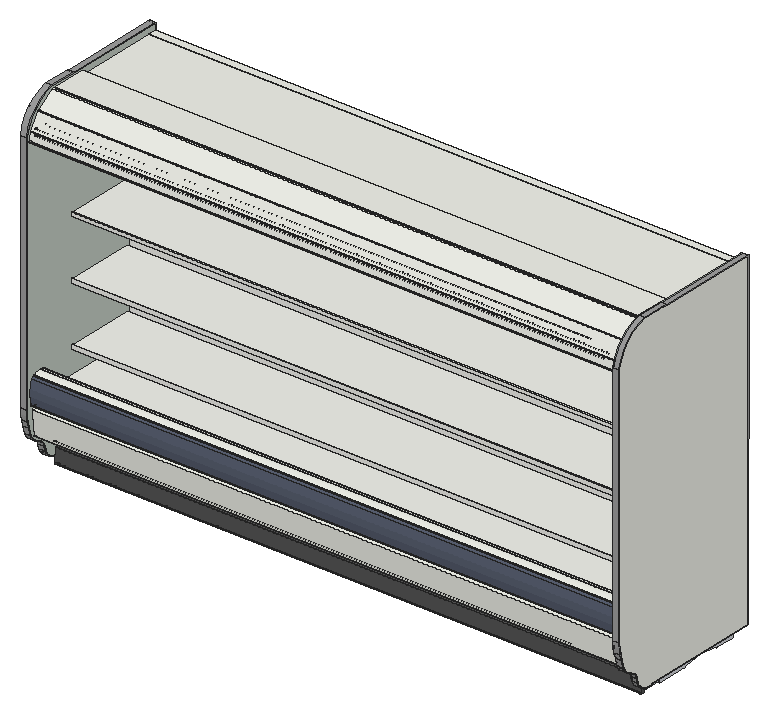
Revit family "ID5NM_2014", category Specialty Equipment, Revit 2014
Parameters (values of type "12'-0" Length")
  Width = 144 1/2"
  Waste Outlet Location = if(Width = 48 1/8", 24", if(Width = 72 1/4", 24", if(Width = 96 1/4", 24", if(Width = 144 1/2", 72", 0"))))  # 72"
  Waste Drain = 1 1/4"  # constant formula
  URL = "www.hussmann.com"
  Type Comments = ""
  Trim = Stainless Steel
  Total Weight = Case Weight + (2 * End Weight)  # 1600.00 lbf
  Top Clearance = 1 1/2"  # constant formula
  Supports = Width = 144 1/2"  # yes
  Splashguard = Textured Sheet Metal (Steel Painted) - 701 Black
  Side Panel - Right [instance] = yes
  Side Panel - Left [instance] = yes
  Shelves = Sheet Metal (Steel Painted) - 700 Interior White
  Shelf Lights [instance] = yes
  Shelf = yes
  Revit Family Date = "11/24/2015"  # constant formula
  Refrigeration Lines Suction = 7/8"  # constant formula
  Refrigeration Lines Liquid = 3/8"  # constant formula
  Refrig. Suction = "Suction"
  Refrig. Liquid = "Liquid"
  Number of Shelves = 4  # constant formula
  Note from Manufacturer = "This model only comes in 4'-0\", 6'-0\", 8'-0\", and 12'-0\" lengths."
  Model = "ID5NM"  # constant formula
  Manufacturer Disclaimer = "The information in this file is not intended to be an exact representation of the corresponding Hussmann product.  Further, we reserve the right to change or revise specifications and product design in connection with any feature of our products. Such changes do not entitle the buyer to corresponding changes, improvements, additions, or replacements for equipment previously sold or shipped."  # constant formula
  Manufacturer = "Hussmann Corporation"  # constant formula
  Height = 84 5/8"  # constant formula
  Ends = Textured Sheet Metal (Steel Painted) - 149 White Satin Matte
  End Weight = 100.00 lbf  # constant formula
  Description = ""
  Depth = 38 5/8"  # constant formula
  Clearance [instance] = no
  Center Support 1 = Width = 96 1/4"  # no
  Center Support 2 = Width = 72 1/4"  # no
  Case Weight = if(Width = 48 1/8", 800.00 lbf, if(Width = 72 1/4", 1000.00 lbf, if(Width = 96 1/4", 1200.00 lbf, if(Width = 144 1/2", 1400.00 lbf, 0.00 lbf))))  # 1400.00 lbf
  Case Interior - Side Panel = Mirror
  Case Interior - Back Panel = Sheet Metal (Steel Painted) - 700 Interior White
  Case = Textured Sheet Metal (Steel Painted) - 149 White Satin Matte
  Bumper = Extruded PVC - 739 Royal Blue
  Back Clearance = 1 1/2"  # constant formula
  Assembly Code = ""
  Accessories/Options = ""
Reference planes (in)
  plane 1 "Back": y = 0
  plane 2 "Bottom": z = 0
  plane 3 "Top": z = 84.625
  plane 4 "Left": x = -77.30699
  plane 5 "Front": y = -38.625
  plane 6 "Center (Left/Right)": x = -5.05699
  plane 7: y = 1.5
  plane 8: x = -78.80699
  plane 9 "Right": x = 67.19301
  plane 10: x = 68.69301
  plane 11: z = 24
  plane 12: z = 68
  plane 13: z = 86.125
Forms (in)
  Extrusion 1, solid, material "Metal - Copper"
    sketch origin (63.0625, 1.04319, 0) x (1, 0, 0) y (0, 1, 0)
      loop
        arc (-67.86949, -29.05062) -> (-68.31143, -29.23368) -> (-68.49449, -29.67562) r 0.625
        arc (-68.49449, -29.67562) -> (-68.31143, -30.11756) -> (-67.86949, -30.30062) r 0.625
        arc (-67.86949, -30.30062) -> (-67.42754, -30.11756) -> (-67.24449, -29.67562) r 0.625
        arc (-67.24449, -29.67562) -> (-67.42754, -29.23368) -> (-67.86949, -29.05062) r 0.625
      loop
        circle (-67.86949, -29.67562) r 0.5852
    from 5.56429 to 0
  Extrusion 2, solid, material "Metal - Copper"
    sketch origin (57.40105, 5, -0.375) x (1, 0, 0) y (0, 1, 0)
      loop
        circle (0.4877, -28.8707) r 0.41359
      loop
        circle (0.4877, -28.8707) r 0.4375
    from 5.93929 to 0.375
  Extrusion 3, solid, material "Metal - Copper"
    sketch origin (59.82608, 5, -0.375) x (1, 0, 0) y (0, 1, 0)
      loop
        circle (-1.31233, -28.8707) r 0.17188
      loop
        circle (-1.31233, -28.8707) r 0.1875
    from 5.93929 to 0.375
  Extrusion 4, solid, material "Extruded PVC - 739 Royal Blue" <- "Bumper"
    sketch origin (-5.05699, 0, 0) x (0, 1, 0) y (0, 0, 1)
      loop
        arc (-37.3441, 22.43657) -> (-37.51109, 22.41185) -> (-37.67229, 22.36173) r 1.09367
        arc (-37.67229, 22.36173) -> (-37.96587, 22.17972) -> (-38.17809, 21.90716) r 0.98023
        arc (-38.17809, 21.90716) -> (-38.61974, 19.07601) -> (-38.17084, 16.246) r 9.21958
        arc (-38.17084, 16.246) -> (-37.96018, 15.98294) -> (-37.67293, 15.80666) r 0.98137
        arc (-37.67293, 15.80666) -> (-37.64, 15.79419) -> (-37.60668, 15.78277) r 1.10618
        arc (-37.60668, 15.78277) -> (-37.5204, 15.78353) -> (-37.45195, 15.83605) r 0.13596
        line (-37.45195, 15.83605) -> (-37.11966, 16.32869) -> (-37.11966, 22.05793) -> (-37.3441, 22.43657)
    from 72.25 to -72.25
  Extrusion 5, solid, material "Sheet Metal (Steel Painted) - 700 Interior White" <- "Case Interior - Back Panel"
    sketch origin (-5.05699, -0.20443, 0) x (0, 1, 0) y (0, 0, 1)
      loop
        line (-25.35587, 77.09831) -> (-7.70304, 76.94426) -> (-7.70304, 16.72278) -> (-6.34347, 16.72278) -> (-6.34347, 77.30729) -> (-25.35587, 77.47321) -> (-25.35587, 77.09831)
    from 72.25 to -72.25
  Extrusion 6, solid, material "Textured Sheet Metal (Steel Painted) - 701 Black" <- "Splashguard"
    sketch origin (-5.05699, 0.08013, -0.40175) x (0, 1, 0) y (0, 0, 1)
      loop
        line (-30.655, 4.08973) -> (-30.655, 0.45384)
        arc (-30.655, 0.45384) -> (-30.63003, 0.41059) -> (-30.5801, 0.41059) r 0.04993
        line (-30.5801, 0.41059) -> (-30.50521, 0.45384) -> (-30.30705, 0.45384)
        arc (-30.30705, 0.45384) -> (-30.22746, 0.40477) -> (-30.16667, 0.47581) r 0.07191
        line (-30.16667, 0.47581) -> (-30.16667, 4.37291)
        arc (-30.16667, 4.37291) -> (-30.19397, 4.41742) -> (-30.24602, 4.41326) r 0.04993
        line (-30.24602, 4.41326) -> (-30.63448, 4.13008)
        arc (-30.63448, 4.13008) -> (-30.64958, 4.11236) -> (-30.655, 4.08973) r 0.04993
    from 72.25 to -72.25
  Extrusion 7, solid, material "Sheet Metal (Steel Painted) - 700 Interior White" <- "Shelves"
    sketch origin (-5.05699, 0, 0) x (0, 1, 0) y (0, 0, 1)
      loop
        line (-10.25824, 17.54252) -> (-30.2521, 17.54252) -> (-30.2521, 17.04942) -> (-30.66297, 17.04942)
        arc (-30.66297, 17.04942) -> (-30.76291, 17.03626) -> (-30.85604, 16.99769) r 0.38613
        line (-30.85604, 16.99769) -> (-31.00187, 16.91349) -> (-31.00187, 16.52158) -> (-30.9559, 16.52158) -> (-30.66934, 16.68703) -> (-29.25241, 16.68703) -> (-29.25241, 16.91771) -> (-10.25824, 16.91771) -> (-10.25824, 17.06466) -> (-9.60744, 17.06466) -> (-9.60744, 16.70177) -> (-8.95814, 16.70177) -> (-8.95814, 16.58181)
        arc (-8.95814, 16.58181) -> (-8.92857, 16.51043) -> (-8.85719, 16.48086) r 0.10095
        line (-8.85719, 16.48086) -> (-8.35926, 16.48086) -> (-8.35926, 16.40679) -> (-14.91132, 16.40679)
        arc (-14.91132, 16.40679) -> (-15.02482, 16.36153) -> (-15.07604, 16.25059) r 0.16495
        arc (-15.07604, 16.25059) -> (-15.12725, 16.13964) -> (-15.24076, 16.09438) r 0.16495
        line (-15.24076, 16.09438) -> (-18.69016, 16.09438)
        arc (-18.69016, 16.09438) -> (-19.61122, 16.05417) -> (-20.52527, 15.93383) r 10.568
        line (-20.52527, 15.93383) -> (-31.48626, 14.00111) -> (-31.77177, 13.95077) -> (-31.95587, 13.91831)
        arc (-31.95587, 13.91831) -> (-32.06235, 13.85048) -> (-32.08967, 13.72722) r 0.16495
        line (-32.08967, 13.72722) -> (-32.06949, 13.61277)
        arc (-32.06949, 13.61277) -> (-32.11089, 13.42602) -> (-32.27222, 13.32325) r 0.24992
        line (-32.27222, 13.32325) -> (-31.28772, 13.49684)
        arc (-31.28772, 13.49684) -> (-31.12258, 13.60522) -> (-31.0877, 13.79963) r 0.24992
        arc (-31.0877, 13.79963) -> (-31.06408, 13.92808) -> (-30.95509, 13.99961) r 0.16495
        line (-30.95509, 13.99961) -> (-20.509, 15.84153)
        arc (-20.509, 15.84153) -> (-19.60305, 15.9608) -> (-18.69016, 16.00066) r 10.47428
        line (-18.69016, 16.00066) -> (-15.13625, 16.00066)
        arc (-15.13625, 16.00066) -> (-15.02275, 16.04593) -> (-14.97153, 16.15688) r 0.16495
        arc (-14.97153, 16.15688) -> (-14.91986, 16.2678) -> (-14.80635, 16.31307) r 0.16495
        line (-14.80635, 16.31307) -> (-11.6023, 16.31307) -> (-11.49317, 16.31307) -> (-8.52028, 16.31307)
        arc (-8.52028, 16.31307) -> (-8.40365, 16.26475) -> (-8.35534, 16.14812) r 0.16495
        line (-8.35534, 16.14812) -> (-8.35534, 15.83571) -> (-8.35534, 15.77323) -> (-8.35534, 15.61328)
        arc (-8.35534, 15.61328) -> (-8.28213, 15.43656) -> (-8.10541, 15.36336) r 0.24992
        line (-8.10541, 15.36336) -> (-7.90747, 15.36336) -> (-7.90747, 17.97171) -> (-7.94466, 17.97171)
        arc (-7.94466, 17.97171) -> (-7.98871, 17.94581) -> (-8.03444, 17.92302) r 0.73739
        line (-8.03444, 17.92302) -> (-8.3593, 17.59816) -> (-8.3593, 17.09267) -> (-8.85719, 17.09267)
        arc (-8.85719, 17.09267) -> (-8.89545, 17.08514) -> (-8.92801, 17.06366) r 0.10095
        line (-8.92801, 17.06366) -> (-9.27355, 17.06366)
        arc (-9.27355, 17.06366) -> (-9.12879, 17.14999) -> (-9.13335, 17.31796) r 0.16545
        arc (-9.13335, 17.31796) -> (-9.15315, 17.3436) -> (-9.17757, 17.36488) r 0.16545
        line (-9.17757, 17.36488) -> (-9.40263, 17.49482) -> (-10.25824, 17.49482) -> (-10.25824, 17.54252)
    from -72.25 to 72.25
  Extrusion 8, solid, material "Textured Sheet Metal (Steel Painted) - 149 White Satin Matte" <- "Case"
    sketch origin (-5.05699, 0, 0) x (0, 1, 0) y (0, 0, 1)
      loop
        line (-33.89822, 76.35346) -> (-33.33907, 76.35346)
        arc (-33.33907, 76.35346) -> (-33.25071, 76.39006) -> (-33.21411, 76.47842) r 0.12496
        line (-33.21411, 76.47842) -> (-33.21411, 77.25453)
        arc (-33.21411, 77.25453) -> (-33.2024, 77.30734) -> (-33.16947, 77.35026) r 0.12496
        line (-33.16947, 77.35026) -> (-32.83324, 77.63239) -> (-30.23196, 79.8347)
        arc (-30.23196, 79.8347) -> (-30.20299, 79.87246) -> (-30.19268, 79.91893) r 0.10997
        line (-30.19268, 79.91893) -> (-30.19268, 80.74108) -> (-26.5658, 80.74108) -> (-26.5658, 79.26866) -> (-25.31664, 79.25653) -> (-25.33222, 77.47122) -> (-6.54791, 77.30729) -> (-6.54791, 16.72278)
        arc (-6.54791, 16.72278) -> (-7.07234, 16.57467) -> (-7.44128, 16.17361) r 1.00012
        arc (-7.44128, 16.17361) -> (-7.50833, 15.74402) -> (-7.61835, 15.32337) r 4.3077
        line (-7.61835, 15.32337) -> (-8.10541, 15.32337)
        arc (-8.10541, 15.32337) -> (-8.31041, 15.40828) -> (-8.39532, 15.61328) r 0.28991
        line (-8.39532, 15.61328) -> (-8.39532, 15.77323)
        arc (-8.39532, 15.77323) -> (-8.43192, 15.86159) -> (-8.52028, 15.89819) r 0.12496
        line (-8.52028, 15.89819) -> (-11.48631, 15.89819)
        arc (-11.48631, 15.89819) -> (-11.5703, 15.86575) -> (-11.61069, 15.78528) r 0.12496
        arc (-11.61069, 15.78528) -> (-11.70438, 15.59857) -> (-11.89925, 15.52331) r 0.28991
        line (-11.89925, 15.52331) -> (-18.69016, 15.52331)
        arc (-18.69016, 15.52331) -> (-19.56145, 15.48527) -> (-20.42611, 15.37143) r 9.99693
        line (-20.42611, 15.37143) -> (-32.02407, 13.3264) -> (-33.0864, 13.13908) -> (-33.21308, 13.128) -> (-33.17814, 20.94662) -> (-33.33622, 21.8795)
        arc (-33.33622, 21.8795) -> (-33.34341, 21.90084) -> (-33.35685, 21.91892) r 0.07199
        line (-33.35685, 21.91892) -> (-34.2857, 22.82796)
        arc (-34.2857, 22.82796) -> (-34.30406, 22.841) -> (-34.32556, 22.84773) r 0.07199
        line (-34.32556, 22.84773) -> (-35.23955, 22.98241)
        arc (-35.23955, 22.98241) -> (-35.29231, 22.96945) -> (-35.32272, 22.92361) r 0.07199
        arc (-35.32272, 22.92361) -> (-35.33203, 22.96206) -> (-35.36639, 22.98169) r 0.04998
        arc (-35.36639, 22.98169) -> (-36.38384, 22.92875) -> (-37.32995, 22.55072) r 3.11879
        arc (-37.32995, 22.55072) -> (-37.34929, 22.52926) -> (-37.35353, 22.50068) r 0.05
        line (-37.35353, 22.50068) -> (-37.3441, 22.43657) -> (-37.11966, 22.05793) -> (-37.11966, 16.32869) -> (-37.40335, 15.9081) -> (-37.36853, 15.94293)
        spline (-37.36853, 15.94293) -> (-37.35912, 15.95065) -> (-37.3484, 15.95638) -> (-37.33675, 15.95991) -> (-37.32465, 15.96111) -> (-37.31254, 15.95991) -> (-37.3009, 15.95638) -> (-37.29018, 15.95065) -> (-37.28077, 15.94293) -> (-37.27306, 15.93353) -> (-37.26732, 15.9228) -> (-37.26379, 15.91116) -> (-37.26244, 15.89905)
        line (-37.26244, 15.89905) -> (-37.2626, 15.30087)
        spline (-37.2626, 15.30087) -> (-37.26292, 15.29454) -> (-37.26389, 15.28828) -> (-37.26549, 15.28215) -> (-37.2677, 15.27622) -> (-37.27051, 15.27054) -> (-37.27388, 15.26518) -> (-37.27778, 15.26019) -> (-37.28216, 15.25562) -> (-37.28699, 15.25153) -> (-37.29221, 15.24794) -> (-37.29777, 15.24491) -> (-37.30361, 15.24247)
        line (-37.30361, 15.24247) -> (-37.30361, 15.61326)
        arc (-37.30361, 15.61326) -> (-37.33598, 15.66003) -> (-37.39117, 15.64622) r 0.04998
        line (-37.39117, 15.64622) -> (-37.86548, 15.10558)
        arc (-37.86548, 15.10558) -> (-37.8743, 15.09124) -> (-37.87786, 15.07479) r 0.05004
        line (-37.87786, 15.07479) -> (-37.20927, 8.99195)
        arc (-37.20927, 8.99195) -> (-37.18006, 8.93402) -> (-37.13026, 8.89244) r 0.16014
        line (-37.13026, 8.89244) -> (-31.32752, 5.78404)
        arc (-31.32752, 5.78404) -> (-31.28946, 5.78025) -> (-31.25986, 5.8045) r 0.04998
        line (-31.25986, 5.8045) -> (-31.15031, 6.00901) -> (-30.1685, 5.48308) -> (-30.125, 5.56429) -> (-8.75359, 5.56429) -> (0, 10.21474) -> (0, 82.29911) -> (-1.99786, 82.29911)
        arc (-1.99786, 82.29911) -> (-2.05771, 82.27945) -> (-2.09426, 82.22814) r 0.10095
        line (-2.09426, 82.22814) -> (-22.39608, 82.22814) -> (-22.39608, 83.32022) -> (-31.02335, 83.32022) -> (-31.26771, 83.32022) -> (-31.36885, 83.32022)
        arc (-31.36885, 83.32022) -> (-31.51301, 83.29899) -> (-31.64493, 83.23709) r 0.5
        line (-31.64493, 83.23709) -> (-36.00122, 80.35202)
        arc (-36.00122, 80.35202) -> (-36.01518, 80.33782) -> (-36.02217, 80.31917) r 0.04798
        arc (-36.02217, 80.31917) -> (-36.05435, 80.32272) -> (-36.08671, 80.32177) r 0.23299
        arc (-36.08671, 80.32177) -> (-36.161, 80.29649) -> (-36.21644, 80.24096) r 0.17276
        line (-36.21644, 80.24096) -> (-38.37975, 76.75548)
        arc (-38.37975, 76.75548) -> (-38.3956, 76.72436) -> (-38.40601, 76.69102) r 0.20743
        line (-38.40601, 76.69102) -> (-38.83447, 74.75994)
        arc (-38.83447, 74.75994) -> (-38.83346, 74.70159) -> (-38.80606, 74.65007) r 0.12496
        line (-38.80606, 74.65007) -> (-38.42909, 74.22401)
        arc (-38.42909, 74.22401) -> (-38.38682, 74.19288) -> (-38.3355, 74.18186) r 0.12496
        line (-38.3355, 74.18186) -> (-37.93343, 74.18186)
        arc (-37.93343, 74.18186) -> (-37.88804, 74.1904) -> (-37.84885, 74.21484) r 0.12496
        line (-37.84885, 74.21484) -> (-37.71231, 74.34038)
        arc (-37.71231, 74.34038) -> (-37.56777, 74.54494) -> (-37.51957, 74.79074) r 0.59861
        arc (-37.51957, 74.79074) -> (-37.5571, 74.95907) -> (-37.60194, 75.1256) r 3.95515
        arc (-37.60194, 75.1256) -> (-37.61217, 75.16851) -> (-37.59438, 75.20888) r 0.06915
        line (-37.59438, 75.20888) -> (-37.50897, 75.30246)
        arc (-37.50897, 75.30246) -> (-37.43748, 75.40477) -> (-37.39467, 75.522) r 0.48189
        line (-37.39467, 75.522) -> (-37.28829, 76.02564) -> (-37.21009, 76.30699)
        arc (-37.21009, 76.30699) -> (-37.17835, 76.39278) -> (-37.16757, 76.48362) r 0.38812
        line (-37.16757, 76.48362) -> (-37.16757, 76.75813)
        arc (-37.16757, 76.75813) -> (-37.14936, 76.80197) -> (-37.1055, 76.82012) r 0.06207
        line (-37.1055, 76.82012) -> (-36.85499, 76.82012)
        spline (-36.85499, 76.82012) -> (-36.84683, 76.81958) -> (-36.83881, 76.81799) -> (-36.83107, 76.81536) -> (-36.82374, 76.81174) -> (-36.81695, 76.8072) -> (-36.8108, 76.80181) -> (-36.80541, 76.79566) -> (-36.80087, 76.78887) -> (-36.79726, 76.78154) -> (-36.79463, 76.77379) -> (-36.79304, 76.76578) -> (-36.7925, 76.75762)
        line (-36.7925, 76.75762) -> (-36.7925, 76.50815)
        spline (-36.7925, 76.50815) -> (-36.79197, 76.5) -> (-36.79038, 76.49198) -> (-36.78775, 76.48425) -> (-36.78414, 76.47692) -> (-36.7796, 76.47012) -> (-36.77421, 76.46398) -> (-36.76807, 76.45859) -> (-36.76127, 76.45405) -> (-36.75394, 76.45044) -> (-36.74621, 76.44781) -> (-36.73819, 76.44622) -> (-36.73004, 76.44568)
        line (-36.73004, 76.44568) -> (-36.29266, 76.44568) -> (-36.29266, 76.82008) -> (-34.78464, 76.82008) -> (-34.1516, 76.82008)
        arc (-34.1516, 76.82008) -> (-34.06324, 76.78348) -> (-34.02664, 76.69512) r 0.12496
        line (-34.02664, 76.69512) -> (-34.02664, 76.47842)
        arc (-34.02664, 76.47842) -> (-33.98927, 76.39083) -> (-33.90168, 76.35455) r 0.12387
    from -72.25 to 72.25
  Extrusion 9, solid, material "Textured Sheet Metal (Steel Painted) - 149 White Satin Matte" <- "Ends", visible <- "Side Panel - Right"
    sketch origin (67.19301, 0, 0) x (0, 0, 1) y (0, -1, 0)
      loop
        line (83.64125, 24.95606) -> (83.83125, 24.95606) -> (83.83125, 31.54423)
        arc (83.83125, 31.54423) -> (80.96038, 36.66596) -> (75.76404, 39.3995) r 10.34217
        line (75.76404, 39.3995) -> (15.56247, 39.3995)
        arc (15.56247, 39.3995) -> (14.15367, 39.30668) -> (12.76922, 39.02983) r 10.738
        arc (12.76922, 39.02983) -> (12.05928, 38.84945) -> (11.36202, 38.625) r 11.70164
        line (11.36202, 38.625) -> (9.35599, 38.10347)
        arc (9.35599, 38.10347) -> (8.40646, 37.48509) -> (7.71603, 36.58658) r 3.3649
        line (7.71603, 36.58658) -> (7.04822, 35.3224)
        arc (7.04822, 35.3224) -> (6.32783, 34.44609) -> (5.32089, 33.92364) r 2.8263
        line (5.32089, 33.92364) -> (4.06818, 33.56807)
        arc (4.06818, 33.56807) -> (2.54764, 32.40219) -> (1.97125, 30.57487) r 3.18475
        line (1.97125, 30.57487) -> (1.97125, 29.51245) -> (2.16125, 29.51245) -> (2.16125, -0.2655) -> (83.64125, -0.2655) -> (83.64125, 24.95606)
    from 0.03125 to 1.5
  Extrusion 10, solid, material "Mirror" <- "Case Interior - Side Panel", visible <- "Side Panel - Right"
    sketch origin (67.19301, 0, 0) x (0, 0, 1) y (0, -1, 0)
      loop
        line (83.64125, 24.95606) -> (83.83125, 24.95606) -> (83.83125, 31.54423)
        arc (83.83125, 31.54423) -> (80.96038, 36.66596) -> (75.76404, 39.3995) r 10.34217
        line (75.76404, 39.3995) -> (15.56247, 39.3995)
        arc (15.56247, 39.3995) -> (14.15367, 39.30668) -> (12.76922, 39.02983) r 10.738
        arc (12.76922, 39.02983) -> (12.05928, 38.84945) -> (11.36202, 38.625) r 11.70164
        line (11.36202, 38.625) -> (9.35599, 38.10347)
        arc (9.35599, 38.10347) -> (8.40646, 37.48509) -> (7.71603, 36.58658) r 3.3649
        line (7.71603, 36.58658) -> (7.04822, 35.3224)
        arc (7.04822, 35.3224) -> (6.32783, 34.44609) -> (5.32089, 33.92364) r 2.8263
        line (5.32089, 33.92364) -> (4.06818, 33.56807)
        arc (4.06818, 33.56807) -> (2.54764, 32.40219) -> (1.97125, 30.57487) r 3.18475
        line (1.97125, 30.57487) -> (1.97125, 29.51245) -> (2.16125, 29.51245) -> (2.16125, -0.2655) -> (83.64125, -0.2655) -> (83.64125, 24.95606)
    from 0 to 0.03125
  Sweep 11, solid, material "Stainless Steel" <- "Trim", visible <- "Side Panel - Right"
    path origin (67.19301, 0, 0) x (0, 0, 1) y (0, -1, 0)
      loop
        line (83.64125, 24.95606) -> (83.83125, 24.95606) -> (83.83125, 31.54423)
        arc (83.83125, 31.54423) -> (80.96038, 36.66596) -> (75.76404, 39.3995) r 10.34217
        line (75.76404, 39.3995) -> (15.56247, 39.3995)
        arc (15.56247, 39.3995) -> (14.15367, 39.30668) -> (12.76922, 39.02983) r 10.738
        arc (12.76922, 39.02983) -> (12.05928, 38.84945) -> (11.36202, 38.625) r 11.70164
        line (11.36202, 38.625) -> (9.35599, 38.10347)
        arc (9.35599, 38.10347) -> (8.40646, 37.48509) -> (7.71603, 36.58658) r 3.3649
        line (7.71603, 36.58658) -> (7.04822, 35.3224)
        arc (7.04822, 35.3224) -> (6.32783, 34.44609) -> (5.32089, 33.92364) r 2.8263
        line (5.32089, 33.92364) -> (4.06818, 33.56807)
        arc (4.06818, 33.56807) -> (2.54764, 32.40219) -> (1.97125, 30.57487) r 3.18475
        line (1.97125, 30.57487) -> (1.97125, 29.51245) -> (2.16125, 29.51245) -> (2.16125, -0.2655) -> (83.64125, -0.2655) -> (83.64125, 24.95606)
    profile origin (67.19301, -12.34528, 83.64125) x (0, 0, 1) y (1, 0, 0)
      loop
        line (0, 0) -> (0.0625, 0) -> (0.0625, 1.5) -> (0, 1.5) -> (0, 0)
  Extrusion 12, solid, material "Sheet Metal (Steel Painted) - 700 Interior White" <- "Case Interior - Back Panel"
    sketch origin (-5.05699, 0, -1.28805) x (0, 1, 0) y (0, 0, 1)
      loop
        line (-34.70437, 76.38241) -> (-34.70437, 77.5471) -> (-34.75935, 77.5471)
        arc (-34.75935, 77.5471) -> (-34.80908, 77.56142) -> (-34.84357, 77.60001) r 0.09347
        line (-34.84357, 77.60001) -> (-34.41746, 77.60001) -> (-34.41746, 77.52103) -> (-34.30349, 77.52103) -> (-34.30349, 77.27411) -> (-33.98459, 77.27411) -> (-33.98459, 77.52103) -> (-33.87063, 77.52103) -> (-33.87063, 77.60001) -> (-33.4946, 77.60001) -> (-33.4946, 77.22527) -> (-33.3822, 77.13606)
        arc (-33.3822, 77.13606) -> (-33.23151, 77.04619) -> (-33.05887, 77.01491) r 0.49204
        line (-33.05887, 77.01491) -> (-32.4097, 77.01491)
        arc (-32.4097, 77.01491) -> (-32.37634, 77.02872) -> (-32.36253, 77.06208) r 0.04717
        line (-32.36253, 77.06208) -> (-32.36253, 77.36306) -> (-27.31084, 77.36306)
        arc (-27.31084, 77.36306) -> (-27.32897, 77.33819) -> (-27.30622, 77.31745) r 0.02306
        line (-27.30622, 77.31745) -> (-27.03439, 77.31508)
        arc (-27.03439, 77.31508) -> (-27.00743, 77.32597) -> (-26.99608, 77.35272) r 0.03798
        line (-26.99608, 77.35272) -> (-26.98697, 78.39637) -> (-25.56003, 78.38392) -> (-25.5603, 78.75882) -> (-25.33222, 78.75683) -> (-25.31664, 80.54214) -> (-26.5658, 80.55427) -> (-26.5658, 82.01417) -> (-30.17769, 82.01417) -> (-30.17769, 81.29491) -> (-30.17769, 81.20454)
        arc (-30.17769, 81.20454) -> (-30.18926, 81.15202) -> (-30.22184, 81.10922) r 0.12496
        line (-30.22184, 81.10922) -> (-33.1838, 78.59839)
        arc (-33.1838, 78.59839) -> (-33.19539, 78.58328) -> (-33.19952, 78.56468) r 0.044
        line (-33.19952, 78.56468) -> (-33.19952, 77.62902) -> (-36.8422, 77.62902)
        arc (-36.8422, 77.62902) -> (-36.87331, 77.61613) -> (-36.8862, 77.58501) r 0.044
        line (-36.8862, 77.58501) -> (-36.8862, 76.37948)
        arc (-36.8862, 76.37948) -> (-36.85711, 76.35039) -> (-36.82803, 76.37948) r 0.02909
        line (-36.82803, 76.37948) -> (-36.82803, 77.60001) -> (-35.74981, 77.60001)
        arc (-35.74981, 77.60001) -> (-35.7843, 77.56142) -> (-35.83402, 77.5471) r 0.09347
        line (-35.83402, 77.5471) -> (-35.88901, 77.5471) -> (-35.88901, 76.38241) -> (-34.70437, 76.38241)
    from 72.25 to -72.25
  Extrusion 13, solid, material "Textured Sheet Metal (Steel Painted) - 149 White Satin Matte" <- "Ends", visible <- "Side Panel - Left"
    sketch origin (-77.30699, 0, 0) x (0, 0, 1) y (0, 1, 0)
      loop
        line (83.64125, -24.95606) -> (83.64125, 0.2655) -> (2.16125, 0.2655) -> (2.16125, -29.51245) -> (1.97125, -29.51245) -> (1.97125, -30.57487)
        arc (1.97125, -30.57487) -> (2.54764, -32.40219) -> (4.06818, -33.56807) r 3.18475
        line (4.06818, -33.56807) -> (5.32089, -33.92364)
        arc (5.32089, -33.92364) -> (6.32783, -34.44609) -> (7.04822, -35.3224) r 2.8263
        line (7.04822, -35.3224) -> (7.71603, -36.58658)
        arc (7.71603, -36.58658) -> (8.40646, -37.48509) -> (9.35599, -38.10347) r 3.3649
        line (9.35599, -38.10347) -> (11.36202, -38.625)
        arc (11.36202, -38.625) -> (12.05928, -38.84945) -> (12.76922, -39.02983) r 11.70164
        arc (12.76922, -39.02983) -> (14.15367, -39.30668) -> (15.56247, -39.3995) r 10.738
        line (15.56247, -39.3995) -> (75.76404, -39.3995)
        arc (75.76404, -39.3995) -> (80.96038, -36.66596) -> (83.83125, -31.54423) r 10.34217
        line (83.83125, -31.54423) -> (83.83125, -24.95606) -> (83.64125, -24.95606)
    from 0.03125 to 1.5
  Extrusion 14, solid, material "Mirror" <- "Case Interior - Side Panel", visible <- "Side Panel - Left"
    sketch origin (-77.30699, 0, 0) x (0, 0, 1) y (0, 1, 0)
      loop
        line (83.64125, -24.95606) -> (83.64125, 0.2655) -> (2.16125, 0.2655) -> (2.16125, -29.51245) -> (1.97125, -29.51245) -> (1.97125, -30.57487)
        arc (1.97125, -30.57487) -> (2.54764, -32.40219) -> (4.06818, -33.56807) r 3.18475
        line (4.06818, -33.56807) -> (5.32089, -33.92364)
        arc (5.32089, -33.92364) -> (6.32783, -34.44609) -> (7.04822, -35.3224) r 2.8263
        line (7.04822, -35.3224) -> (7.71603, -36.58658)
        arc (7.71603, -36.58658) -> (8.40646, -37.48509) -> (9.35599, -38.10347) r 3.3649
        line (9.35599, -38.10347) -> (11.36202, -38.625)
        arc (11.36202, -38.625) -> (12.05928, -38.84945) -> (12.76922, -39.02983) r 11.70164
        arc (12.76922, -39.02983) -> (14.15367, -39.30668) -> (15.56247, -39.3995) r 10.738
        line (15.56247, -39.3995) -> (75.76404, -39.3995)
        arc (75.76404, -39.3995) -> (80.96038, -36.66596) -> (83.83125, -31.54423) r 10.34217
        line (83.83125, -31.54423) -> (83.83125, -24.95606) -> (83.64125, -24.95606)
    from 0 to 0.03125
  Sweep 15, solid, material "Stainless Steel" <- "Trim", visible <- "Side Panel - Left"
    path origin (-77.30699, 0, 0) x (0, 0, 1) y (0, 1, 0)
      loop
        line (83.64125, -24.95606) -> (83.64125, 0.2655) -> (2.16125, 0.2655) -> (2.16125, -29.51245) -> (1.97125, -29.51245) -> (1.97125, -30.57487)
        arc (1.97125, -30.57487) -> (2.54764, -32.40219) -> (4.06818, -33.56807) r 3.18475
        line (4.06818, -33.56807) -> (5.32089, -33.92364)
        arc (5.32089, -33.92364) -> (6.32783, -34.44609) -> (7.04822, -35.3224) r 2.8263
        line (7.04822, -35.3224) -> (7.71603, -36.58658)
        arc (7.71603, -36.58658) -> (8.40646, -37.48509) -> (9.35599, -38.10347) r 3.3649
        line (9.35599, -38.10347) -> (11.36202, -38.625)
        arc (11.36202, -38.625) -> (12.05928, -38.84945) -> (12.76922, -39.02983) r 11.70164
        arc (12.76922, -39.02983) -> (14.15367, -39.30668) -> (15.56247, -39.3995) r 10.738
        line (15.56247, -39.3995) -> (75.76404, -39.3995)
        arc (75.76404, -39.3995) -> (80.96038, -36.66596) -> (83.83125, -31.54423) r 10.34217
        line (83.83125, -31.54423) -> (83.83125, -24.95606) -> (83.64125, -24.95606)
    profile origin (-77.30699, -12.34528, 83.64125) x (0, 0, -1) y (-1, 0, 0)
      loop
        line (0, 0) -> (0, 1.5) -> (-0.0625, 1.5) -> (-0.0625, 0) -> (0, 0)
  Extrusion 16, solid, material "Textured Sheet Metal (Steel Painted) - 149 White Satin Matte" <- "Case"
    sketch origin (-5.05699, 0.08013, -0.40175) x (0, 1, 0) y (0, 0, 1)
      loop
        arc (-31.19321, 5.56404) -> (-31.18652, 5.53907) -> (-31.16825, 5.5208) r 0.04993
        line (-31.16825, 5.5208) -> (-30.16667, 4.94254) -> (-30.16667, 2.53989) -> (-30.13172, 2.53989) -> (-30.13172, 4.93389)
        arc (-30.13172, 4.93389) -> (-30.13841, 4.95886) -> (-30.15669, 4.97713) r 0.04993
        line (-30.15669, 4.97713) -> (-31.15826, 5.55539) -> (-31.15826, 6.22125) -> (-31.19321, 6.22125) -> (-31.19321, 5.56404)
    from 72.25 to -72.25
Lines and regions (in)
  reference lines
    curve 1: line (-4.80699, -38.625, 0) -> (-4.80699, 0, 0)
    curve 2: line (58.32625, -38.625, 0) -> (58.32625, 0, 0)
    curve 3: line (-77.30699, -28.63243, 0) -> (67.19301, -28.63243, 0)
    curve 4: line (67.19301, -23.8707, 0) -> (-77.30699, -23.8707, 0)
  symbolic lines, style "Clearance", visible <- "Clearance"
    curve 5: line (-77.30699, 0, 0) -> (-77.30699, 1.5, 0)
    curve 6: line (-77.30699, 1.5, 0) -> (67.19301, 1.5, 0)
    curve 7: line (67.19301, 1.5, 0) -> (67.19301, 0, 0)
    curve 8: line (-5.05699, 0, 83.70375) -> (-5.05699, 0, 86.125)
    curve 9: line (-5.05699, 0, 86.125) -> (-5.05699, -38.625, 86.125)
    curve 10: line (-5.05699, -38.625, 86.125) -> (-5.05699, -38.625, 78.27124)
    curve 11: line (-77.30699, 0, 83.89375) -> (-77.30699, 0, 86.125)
    curve 12: line (-77.30699, 0, 86.125) -> (67.19301, 0, 86.125)
    curve 13: line (67.19301, 0, 86.125) -> (67.19301, 0, 83.89375)
    curve 14: line (-5.05699, 0.328, 81.89399) -> (-5.05699, 1.5, 81.89399)
    curve 15: line (-5.05699, 1.5, 81.89399) -> (-5.05699, 1.5, 0)
  model lines, style "SpecialityEquipment", detail levels fine
    curve 16: line (-5.05699, -30.125, 5.56429) -> (-5.05699, -37.11966, 9.31118)
    curve 17: line (-5.05699, -37.11966, 9.31118) -> (-5.05699, -37.11966, 22.05793)
    curve 18: line (-5.05699, -37.11966, 22.05793) -> (-5.05699, -36.10749, 22.05793)
    curve 19: line (-5.05699, -36.10749, 22.05793) -> (-5.05699, -36.10749, 12.75409)
    curve 20: arc (-5.05699, -36.10749, 12.75409) -> (-5.05699, -36.06945, 12.5628) -> (-5.05699, -35.96109, 12.40064) r 0.49985
    curve 21: line (-5.05699, -35.96109, 12.40064) -> (-5.05699, -35.28186, 11.72141)
    curve 22: arc (-5.05699, -35.28186, 11.72141) -> (-5.05699, -35.17351, 11.55925) -> (-5.05699, -35.13546, 11.36797) r 0.49985
    curve 23: line (-5.05699, -35.13546, 11.36797) -> (-5.05699, -35.13546, 10.89315)
    curve 24: arc (-5.05699, -35.13546, 10.89315) -> (-5.05699, -34.98906, 10.53971) -> (-5.05699, -34.63561, 10.39331) r 0.49985
    curve 25: line (-5.05699, -34.63561, 10.39331) -> (-5.05699, -33.80606, 10.39331)
    curve 26: arc (-5.05699, -33.80606, 10.39331) -> (-5.05699, -33.45884, 10.25302) -> (-5.05699, -33.30652, 9.9109) r 0.49985
    curve 27: line (-5.05699, -33.30652, 9.9109) -> (-5.05699, -33.29673, 9.63036)
    curve 28: arc (-5.05699, -33.29673, 9.63036) -> (-5.05699, -33.22149, 9.38358) -> (-5.05699, -33.03321, 9.20719) r 0.49985
    curve 29: line (-5.05699, -33.03321, 9.20719) -> (-5.05699, -32.32884, 8.82988)
    curve 30: arc (-5.05699, -32.32884, 8.82988) -> (-5.05699, -32.21449, 8.78568) -> (-5.05699, -32.09282, 8.77064) r 0.49985
    curve 31: line (-5.05699, -32.09282, 8.77064) -> (-5.05699, -29.89605, 8.77064)
    curve 32: arc (-5.05699, -29.89605, 8.77064) -> (-5.05699, -29.64612, 8.83761) -> (-5.05699, -29.46317, 9.02056) r 0.49985
    curve 33: line (-5.05699, -29.46317, 9.02056) -> (-5.05699, -28.81491, 10.14338)
    curve 34: arc (-5.05699, -28.81491, 10.14338) -> (-5.05699, -28.63195, 10.32634) -> (-5.05699, -28.38203, 10.39331) r 0.49985
    curve 35: line (-5.05699, -28.38203, 10.39331) -> (-5.05699, -24.46861, 10.39331)
    curve 36: line (-5.05699, -24.46861, 10.39331) -> (-5.05699, -11.0985, 12.36048)
    curve 37: arc (-5.05699, -11.0985, 12.36048) -> (-5.05699, -8.93307, 13.34231) -> (-5.05699, -7.61835, 15.32337) r 4.3077
  model lines, style "SpecialityEquipment", not visible, detail levels fine
    curve 38: line (-5.05699, -30.125, 5.56429) -> (-5.05699, -37.11966, 9.31118)
    curve 39: line (-5.05699, -37.11966, 9.31118) -> (-5.05699, -37.11966, 22.05793)
    curve 40: line (-5.05699, -37.11966, 22.05793) -> (-5.05699, -36.10749, 22.05793)
    curve 41: line (-5.05699, -36.10749, 22.05793) -> (-5.05699, -36.10749, 12.75409)
    curve 42: arc (-5.05699, -36.10749, 12.75409) -> (-5.05699, -36.06945, 12.5628) -> (-5.05699, -35.96109, 12.40064) r 0.49985
    curve 43: line (-5.05699, -35.96109, 12.40064) -> (-5.05699, -35.28186, 11.72141)
    curve 44: arc (-5.05699, -35.28186, 11.72141) -> (-5.05699, -35.17351, 11.55925) -> (-5.05699, -35.13546, 11.36797) r 0.49985
    curve 45: line (-5.05699, -35.13546, 11.36797) -> (-5.05699, -35.13546, 10.89315)
    curve 46: arc (-5.05699, -35.13546, 10.89315) -> (-5.05699, -34.98906, 10.53971) -> (-5.05699, -34.63561, 10.39331) r 0.49985
    curve 47: line (-5.05699, -34.63561, 10.39331) -> (-5.05699, -33.80606, 10.39331)
    curve 48: arc (-5.05699, -33.80606, 10.39331) -> (-5.05699, -33.45884, 10.25302) -> (-5.05699, -33.30652, 9.9109) r 0.49985
    curve 49: line (-5.05699, -33.30652, 9.9109) -> (-5.05699, -33.29673, 9.63036)
    curve 50: arc (-5.05699, -33.29673, 9.63036) -> (-5.05699, -33.22149, 9.38358) -> (-5.05699, -33.03321, 9.20719) r 0.49985
    curve 51: line (-5.05699, -33.03321, 9.20719) -> (-5.05699, -32.32884, 8.82988)
    curve 52: arc (-5.05699, -32.32884, 8.82988) -> (-5.05699, -32.21449, 8.78568) -> (-5.05699, -32.09282, 8.77064) r 0.49985
    curve 53: line (-5.05699, -32.09282, 8.77064) -> (-5.05699, -29.89605, 8.77064)
    curve 54: arc (-5.05699, -29.89605, 8.77064) -> (-5.05699, -29.64612, 8.83761) -> (-5.05699, -29.46317, 9.02056) r 0.49985
    curve 55: line (-5.05699, -29.46317, 9.02056) -> (-5.05699, -28.81491, 10.14338)
    curve 56: arc (-5.05699, -28.81491, 10.14338) -> (-5.05699, -28.63195, 10.32634) -> (-5.05699, -28.38203, 10.39331) r 0.49985
    curve 57: line (-5.05699, -28.38203, 10.39331) -> (-5.05699, -24.46861, 10.39331)
    curve 58: line (-5.05699, -24.46861, 10.39331) -> (-5.05699, -11.0985, 12.36048)
    curve 59: arc (-5.05699, -11.0985, 12.36048) -> (-5.05699, -8.93307, 13.34231) -> (-5.05699, -7.61835, 15.32337) r 4.3077
Dimensions and locks (in)
  equal spacing: plane 4 "Left", plane 6 "Center (Left/Right)", plane 9 "Right"
  locked: plane 8 to plane 4 "Left" at 1.5
  "Width": plane 4 "Left" to plane 9 "Right"
  "Waste Outlet Location": curve 1 to plane 9 "Right"
  "Depth": plane 5 "Front" to plane 1 "Back"
  "Back Clearance": plane 1 "Back" to plane 7
  locked: curve 2 to plane 9 "Right" at 8.86676
  "Height": plane 3 "Top" to level
  locked: plane 1 "Back" to curve 3 at 28.63243
  locked: plane 1 "Back" to curve 4 at 23.8707
  locked: plane 9 "Right" to plane 10 at 1.5
  locked: plane 11 to level at 24
  locked: plane 12 to level at 68
  "Top Clearance": plane 13 to plane 3 "Top"
  locked: Extrusion 1 sketch curve to Extrusion 1 sketch curve at 0.0398
  locked: Extrusion 3 sketch curve to Extrusion 3 sketch curve at 0.01562
  locked: Extrusion 2 sketch curve to Extrusion 2 sketch curve at 0.02391
  nested 2 to plane 6 "Center (Left/Right)" to nested 1 = 24" locked, 24" locked
  equal spacing: group 1, group 3, group 4, group 2  (x3)
  "Waste Drain": diameter of Extrusion 1 sketch curve
  "Refrigeration Lines Liquid": diameter of Extrusion 3 sketch curve
  "Refrigeration Lines Suction": diameter of Extrusion 2 sketch curve
  aligned and locked: plane 5 "Front" to curve 1
  aligned and locked: plane 4 "Left" to curve 3
  aligned and locked: plane 4 "Left" to curve 4
  aligned and locked: plane 9 "Right" to curve 4
  aligned and locked: plane 9 "Right" to curve 3
  aligned and locked: Extrusion 2 to level
  aligned and locked: Extrusion 3 to level
  aligned and locked: curve 4 to Extrusion 3 sketch curve  (x4)
  aligned and locked: curve 4 to Extrusion 2 sketch curve  (x4)
  aligned and locked: curve 3 to Extrusion 1 sketch curve  (x3)
  aligned and locked: curve 1 to Extrusion 1 sketch curve
  aligned and locked: curve 2 to Extrusion 3 sketch curve
  aligned and locked: curve 2 to Extrusion 2 sketch curve
  aligned and locked: plane 9 "Right" to nested 4
  aligned and locked: nested 4 to plane 1 "Back"
  aligned and locked: plane 4 "Left" to nested 3
  aligned and locked: plane 1 "Back" to nested 3
  aligned and locked: plane 1 "Back" to nested 2
  aligned and locked: plane 1 "Back" to nested 1
  aligned and locked: Extrusion 4 to plane 4 "Left"
  aligned and locked: plane 9 "Right" to Extrusion 4
  aligned and locked: plane 11 to nested 5
  aligned and locked: plane 12 to nested 6
  aligned and locked: Extrusion 5 to plane 4 "Left"
  aligned and locked: plane 9 "Right" to Extrusion 5
  aligned and locked: Extrusion 6 to plane 4 "Left"
  aligned and locked: plane 9 "Right" to Extrusion 6
  aligned and locked: curve 7 to plane 9 "Right"
  aligned and locked: curve 6 to plane 7
  aligned and locked: plane 4 "Left" to curve 5
  aligned and locked: curve 10 to plane 5 "Front"
  aligned and locked: curve 9 to plane 13
  aligned and locked: curve 8 to plane 1 "Back"
  aligned and locked: Extrusion 5 to nested 5
  aligned and locked: Extrusion 5 to nested 7
  aligned and locked: Extrusion 5 to nested 8
  aligned and locked: Extrusion 5 to nested 6
  aligned and locked: plane 6 "Center (Left/Right)" to nested 9
  aligned and locked: plane 4 "Left" to nested 10
  aligned and locked: plane 4 "Left" to nested 11
  aligned and locked: plane 4 "Left" to nested 12
  aligned and locked: plane 4 "Left" to nested 13
  aligned and locked: plane 4 "Left" to nested 14
  aligned and locked: Extrusion 7 to plane 4 "Left"
  aligned and locked: plane 9 "Right" to Extrusion 7
  aligned and locked: Extrusion 8 to plane 4 "Left"
  aligned and locked: plane 9 "Right" to Extrusion 8
  aligned and locked: plane 10 to Extrusion 9
  aligned and locked: Extrusion 10 to plane 9 "Right"
  aligned and locked: Sweep 11 sketch curve to profile plane
  aligned and locked: plane 10 to Sweep 11 sketch curve
  aligned and locked: plane 6 "Center (Left/Right)" to nested 15
  aligned and locked: plane 13 to curve 12
  aligned and locked: curve 13 to plane 9 "Right"
  aligned and locked: plane 4 "Left" to curve 11
  aligned and locked: curve 15 to plane 7
  aligned and locked: Sweep 15 sketch curve to profile plane
  aligned and locked: plane 8 to Extrusion 13
  aligned and locked: plane 4 "Left" to Extrusion 14
  aligned and locked: Sweep 15 sketch curve to plane 8
  aligned and locked: Extrusion 12 to plane 4 "Left"
  aligned and locked: plane 9 "Right" to Extrusion 12
  aligned and locked: Extrusion 16 to plane 4 "Left"
  aligned and locked: plane 9 "Right" to Extrusion 16
Automatic sketch dimensions
  plane 1 "Back" to curve 7 = 0"
  plane 1 "Back" to curve 5 = 0"
  Extrusion 4 sketch curve to Extrusion 4 sketch curve = 0.11271"
  Extrusion 4 sketch curve to Extrusion 4 sketch curve = 0.03345"
  Extrusion 4 sketch curve to Extrusion 4 sketch curve = 0.04273"
  Extrusion 4 sketch curve to Extrusion 4 sketch curve = 0.04605"
  Extrusion 4 sketch curve to Extrusion 4 sketch curve = 0.07603"
  Extrusion 4 sketch curve to Extrusion 4 sketch curve = 0.11601"
  Extrusion 4 sketch curve to Extrusion 4 sketch curve = 0.10509"
  plane 5 "Front" to Extrusion 4 sketch curve = 0.45416"
  plane 5 "Front" to Extrusion 4 sketch curve = 0.44691"
  Extrusion 4 sketch curve to Extrusion 4 sketch curve = 0.06625"
  Extrusion 4 sketch curve to Extrusion 4 sketch curve = 0"
  plane 5 "Front" to Extrusion 5 sketch curve = 13.0647"
  plane 1 "Back" to Extrusion 5 sketch curve = 7.90747"
  Extrusion 5 sketch curve to Extrusion 5 sketch curve = 1.35957"
  Extrusion 5 sketch curve to plane 11 = 7.27722"
  plane 3 "Top" to Extrusion 5 sketch curve = 7.68074"
  plane 3 "Top" to Extrusion 5 sketch curve = 7.52669"
  Extrusion 5 sketch curve to Extrusion 5 sketch curve = 0.36303"
  Extrusion 5 sketch curve to Extrusion 5 sketch curve = 0.3749"
  level to Extrusion 6 sketch curve = 0.05208"  (x2)
  level to Extrusion 6 sketch curve = 3.72833"
  Extrusion 6 sketch curve to Extrusion 6 sketch curve = 0.02052"
  Extrusion 6 sketch curve to Extrusion 6 sketch curve = 0.04993"
  Extrusion 6 sketch curve to Extrusion 6 sketch curve = 0.02941"  (x2)
  level to Extrusion 6 sketch curve = 0.00884"
  Extrusion 6 sketch curve to Extrusion 6 sketch curve = 0.0749"
  Extrusion 6 sketch curve to Extrusion 6 sketch curve = 0.19816"
  level to Extrusion 6 sketch curve = 4.0115"
  Extrusion 6 sketch curve to Extrusion 6 sketch curve = 0.38847"
  Extrusion 6 sketch curve to Extrusion 6 sketch curve = 0.06847"
  Extrusion 6 sketch curve to Extrusion 6 sketch curve = 0.04035"
  plane 3 "Top" to curve 14 = 2.73101"
  curve 14 to plane 1 "Back" = 0.328"
  plane 3 "Top" to curve 10 = 6.35376"
  plane 3 "Top" to curve 8 = 0.92125"
  Extrusion 7 sketch curve to Extrusion 7 sketch curve = 0"  (x9)
  plane 5 "Front" to Extrusion 7 sketch curve = 6.30938"
  Extrusion 7 sketch curve to Extrusion 7 sketch curve = 0.22595"
  Extrusion 7 sketch curve to Extrusion 7 sketch curve = 0.02018"
  Extrusion 7 sketch curve to Extrusion 7 sketch curve = 0.1338"
  Extrusion 7 sketch curve to Extrusion 7 sketch curve = 0.16244"  (x3)
  Extrusion 7 sketch curve to Extrusion 7 sketch curve = 0.1841"
  Extrusion 7 sketch curve to Extrusion 7 sketch curve = 0.28551"
  Extrusion 7 sketch curve to Extrusion 7 sketch curve = 0.15515"
  Extrusion 7 sketch curve to Extrusion 7 sketch curve = 0.0434"  (x3)
  Extrusion 7 sketch curve to Extrusion 7 sketch curve = 31/64"
  Extrusion 7 sketch curve to Extrusion 7 sketch curve = 0.04597"
  Extrusion 7 sketch curve to Extrusion 7 sketch curve = 0.37602"
  Extrusion 7 sketch curve to Extrusion 7 sketch curve = 0.02864"
  Extrusion 7 sketch curve to Extrusion 7 sketch curve = 0.14583"
  Extrusion 7 sketch curve to Extrusion 7 sketch curve = 0.28657"
  Extrusion 7 sketch curve to Extrusion 7 sketch curve = 0.19307"
  Extrusion 7 sketch curve to Extrusion 7 sketch curve = 0.41087"
  Extrusion 7 sketch curve to Extrusion 7 sketch curve = 0.99969"
  Extrusion 7 sketch curve to plane 11 = 8.06617"
  Extrusion 7 sketch curve to Extrusion 7 sketch curve = 8.72713"
  Extrusion 7 sketch curve to plane 11 = 8.15847"
  Extrusion 7 sketch curve to Extrusion 7 sketch curve = 0.01627"
  Extrusion 7 sketch curve to Extrusion 7 sketch curve = 1.81884"
  Extrusion 7 sketch curve to Extrusion 7 sketch curve = 3.4494"
  Extrusion 7 sketch curve to Extrusion 7 sketch curve = 0.1045"
  Extrusion 7 sketch curve to Extrusion 7 sketch curve = 0.22493"
  Extrusion 7 sketch curve to Extrusion 7 sketch curve = 0.10497"
  Extrusion 7 sketch curve to Extrusion 7 sketch curve = 3.20406"
  Extrusion 7 sketch curve to Extrusion 7 sketch curve = 0.10913"
  Extrusion 7 sketch curve to Extrusion 7 sketch curve = 1.23493"
  Extrusion 7 sketch curve to Extrusion 7 sketch curve = 0.6508"
  Extrusion 7 sketch curve to Extrusion 7 sketch curve = 0.20482"
  Extrusion 7 sketch curve to Extrusion 7 sketch curve = 0.12908"
  Extrusion 7 sketch curve to Extrusion 7 sketch curve = 0.09597"
  Extrusion 7 sketch curve to Extrusion 7 sketch curve = 0.3154"
  Extrusion 7 sketch curve to Extrusion 7 sketch curve = 0.34554"
  Extrusion 7 sketch curve to Extrusion 7 sketch curve = 0.07082"
  Extrusion 7 sketch curve to Extrusion 7 sketch curve = 0.10095"
  Extrusion 7 sketch curve to Extrusion 7 sketch curve = 0.3369"
  Extrusion 7 sketch curve to Extrusion 7 sketch curve = 0.49789"
  Extrusion 7 sketch curve to Extrusion 7 sketch curve = 0.16102"
  Extrusion 7 sketch curve to Extrusion 7 sketch curve = 0.16495"  (x2)
  Extrusion 7 sketch curve to Extrusion 7 sketch curve = 0.01906"
  Extrusion 7 sketch curve to Extrusion 7 sketch curve = 0.24992"
  Extrusion 7 sketch curve to Extrusion 7 sketch curve = 0.32486"  (x2)
  Extrusion 7 sketch curve to Extrusion 7 sketch curve = 0.08978"
  Extrusion 7 sketch curve to Extrusion 7 sketch curve = 0.03719"
  Extrusion 7 sketch curve to plane 11 = 8.16429"
  Extrusion 7 sketch curve to Extrusion 7 sketch curve = 1/16"
  Extrusion 7 sketch curve to Extrusion 7 sketch curve = 0.15995"
  Extrusion 7 sketch curve to plane 11 = 9.99889"
  Extrusion 7 sketch curve to Extrusion 7 sketch curve = 0.00151"
  Extrusion 7 sketch curve to Extrusion 7 sketch curve = 0.05034"
  Extrusion 7 sketch curve to Extrusion 7 sketch curve = 0.03246"
  Extrusion 7 sketch curve to Extrusion 7 sketch curve = 0.25814"
  Extrusion 7 sketch curve to Extrusion 7 sketch curve = 0.11445"
  Extrusion 7 sketch curve to Extrusion 7 sketch curve = 0.24613"
  level to Extrusion 7 sketch curve = 5.52638"
  Extrusion 7 sketch curve to Extrusion 7 sketch curve = 0.3124"
  Extrusion 7 sketch curve to Extrusion 7 sketch curve = 0.07123"  (x2)
  Extrusion 7 sketch curve to Extrusion 7 sketch curve = 0.09372"  (x2)
  Extrusion 7 sketch curve to Extrusion 7 sketch curve = 0.07407"
  Extrusion 7 sketch curve to Extrusion 7 sketch curve = 2.52197"
  Extrusion 7 sketch curve to Extrusion 7 sketch curve = 0.14171"
  Extrusion 7 sketch curve to Extrusion 7 sketch curve = 0.02374"
  Extrusion 7 sketch curve to Extrusion 7 sketch curve = 0.11996"
  Extrusion 7 sketch curve to Extrusion 7 sketch curve = 0.39191"
  Extrusion 7 sketch curve to Extrusion 7 sketch curve = 0.21593"
  Extrusion 7 sketch curve to Extrusion 7 sketch curve = 0.28994"
  Extrusion 7 sketch curve to Extrusion 7 sketch curve = 0.0842"
  Extrusion 7 sketch curve to Extrusion 7 sketch curve = 0.07195"
  Extrusion 7 sketch curve to Extrusion 7 sketch curve = 0.001"
  Extrusion 7 sketch curve to Extrusion 7 sketch curve = 0.16645"
  Extrusion 7 sketch curve to Extrusion 7 sketch curve = 0.13477"
  Extrusion 7 sketch curve to Extrusion 7 sketch curve = 0.43015"
  Extrusion 7 sketch curve to Extrusion 7 sketch curve = 0.0477"
  Extrusion 7 sketch curve to Extrusion 7 sketch curve = 0.50549"
  Extrusion 7 sketch curve to Extrusion 7 sketch curve = 0.04869"
  Extrusion 7 sketch curve to Extrusion 7 sketch curve = 0.16125"
  Extrusion 7 sketch curve to Extrusion 7 sketch curve = 0.00059"
  Extrusion 7 sketch curve to Extrusion 7 sketch curve = 0.06021"
  Extrusion 7 sketch curve to Extrusion 7 sketch curve = 0.00046"
  Extrusion 7 sketch curve to Extrusion 7 sketch curve = 0.04423"
  Extrusion 9 sketch curve to plane 5 "Front" = 0"
  level to Extrusion 9 sketch curve = 1.97125"
  Extrusion 9 sketch curve to Extrusion 9 sketch curve = 0.19"
  Extrusion 9 sketch curve to Extrusion 9 sketch curve = 2.09693"
  Extrusion 9 sketch curve to Extrusion 9 sketch curve = 0.481"
  Extrusion 9 sketch curve to Extrusion 9 sketch curve = 2.99475"
  Extrusion 9 sketch curve to Extrusion 9 sketch curve = 1.25271"
  plane 5 "Front" to Extrusion 9 sketch curve = 3.3026"
  Extrusion 9 sketch curve to Extrusion 9 sketch curve = 1.72733"
  plane 5 "Front" to Extrusion 9 sketch curve = 2.03842"
  Extrusion 9 sketch curve to Extrusion 9 sketch curve = 0.66781"
  plane 5 "Front" to Extrusion 9 sketch curve = 0.52153"
  Extrusion 9 sketch curve to Extrusion 9 sketch curve = 1.63996"
  Extrusion 9 sketch curve to Extrusion 9 sketch curve = 2.97528"
  Extrusion 9 sketch curve to Extrusion 9 sketch curve = 2.00603"
  Extrusion 9 sketch curve to plane 11 = 8.70553"
  Extrusion 9 sketch curve to plane 5 "Front" = 0.7745"
  Extrusion 9 sketch curve to Extrusion 9 sketch curve = 4.20045"
  plane 12 to Extrusion 9 sketch curve = 5.74534"
  plane 12 to Extrusion 9 sketch curve = 7.76404"
  plane 3 "Top" to Extrusion 9 sketch curve = 0.98375"
  plane 3 "Top" to Extrusion 9 sketch curve = 0.79375"
  Extrusion 9 sketch curve to Extrusion 9 sketch curve = 1.39876"
  Extrusion 9 sketch curve to Extrusion 9 sketch curve = 0.35556"
  plane 5 "Front" to Extrusion 9 sketch curve = 7.08077"
  Extrusion 9 sketch curve to Extrusion 9 sketch curve = 1.06243"
  Extrusion 9 sketch curve to Extrusion 9 sketch curve = 6.35336"
  Extrusion 9 sketch curve to Extrusion 9 sketch curve = 1.05757"
  Extrusion 9 sketch curve to Extrusion 9 sketch curve = 6.58817"
  Extrusion 9 sketch curve to plane 1 "Back" = 0.2655"
  Extrusion 10 sketch curve to plane 5 "Front" = 0"
  level to Extrusion 10 sketch curve = 1.97125"
  Extrusion 10 sketch curve to Extrusion 10 sketch curve = 0.19"
  Extrusion 10 sketch curve to Extrusion 10 sketch curve = 2.09693"
  Extrusion 10 sketch curve to Extrusion 10 sketch curve = 0.481"
  Extrusion 10 sketch curve to Extrusion 10 sketch curve = 2.99475"
  Extrusion 10 sketch curve to Extrusion 10 sketch curve = 1.25271"
  plane 5 "Front" to Extrusion 10 sketch curve = 3.3026"
  Extrusion 10 sketch curve to Extrusion 10 sketch curve = 1.72733"
  plane 5 "Front" to Extrusion 10 sketch curve = 2.03842"
  Extrusion 10 sketch curve to Extrusion 10 sketch curve = 0.66781"
  plane 5 "Front" to Extrusion 10 sketch curve = 0.52153"
  Extrusion 10 sketch curve to Extrusion 10 sketch curve = 1.63996"
  Extrusion 10 sketch curve to Extrusion 10 sketch curve = 1.33531"
  Extrusion 10 sketch curve to Extrusion 10 sketch curve = 2.00603"
  Extrusion 10 sketch curve to plane 11 = 8.70553"
  Extrusion 10 sketch curve to plane 5 "Front" = 0.7745"
  Extrusion 10 sketch curve to Extrusion 10 sketch curve = 4.20045"
  plane 12 to Extrusion 10 sketch curve = 5.74534"
  plane 12 to Extrusion 10 sketch curve = 7.76404"
  plane 3 "Top" to Extrusion 10 sketch curve = 0.98375"
  plane 3 "Top" to Extrusion 10 sketch curve = 0.79375"
  Extrusion 10 sketch curve to Extrusion 10 sketch curve = 1.39876"
  Extrusion 10 sketch curve to Extrusion 10 sketch curve = 0.35556"
  plane 5 "Front" to Extrusion 10 sketch curve = 7.08077"
  Extrusion 10 sketch curve to Extrusion 10 sketch curve = 1.06243"
  Extrusion 10 sketch curve to Extrusion 10 sketch curve = 6.35336"
  Extrusion 10 sketch curve to Extrusion 10 sketch curve = 1.05757"
  Extrusion 10 sketch curve to Extrusion 10 sketch curve = 6.58817"
  Extrusion 10 sketch curve to plane 1 "Back" = 0.2655"
  Sweep 11 sketch curve to plane 5 "Front" = 0"
  level to Sweep 11 sketch curve = 1.97125"
  Sweep 11 sketch curve to Sweep 11 sketch curve = 0.19"
  Sweep 11 sketch curve to Sweep 11 sketch curve = 2.09693"
  Sweep 11 sketch curve to Sweep 11 sketch curve = 0.481"
  Sweep 11 sketch curve to Sweep 11 sketch curve = 2.99475"
  Sweep 11 sketch curve to Sweep 11 sketch curve = 1.25271"
  plane 5 "Front" to Sweep 11 sketch curve = 3.3026"
  Sweep 11 sketch curve to Sweep 11 sketch curve = 1.72733"
  plane 5 "Front" to Sweep 11 sketch curve = 2.03842"
  Sweep 11 sketch curve to Sweep 11 sketch curve = 0.66781"
  plane 5 "Front" to Sweep 11 sketch curve = 0.52153"
  Sweep 11 sketch curve to Sweep 11 sketch curve = 1.63996"
  Sweep 11 sketch curve to Sweep 11 sketch curve = 2.97528"
  Sweep 11 sketch curve to Sweep 11 sketch curve = 2.00603"
  Sweep 11 sketch curve to plane 11 = 8.70553"
  Sweep 11 sketch curve to plane 5 "Front" = 0.7745"
  Sweep 11 sketch curve to Sweep 11 sketch curve = 4.20045"
  plane 12 to Sweep 11 sketch curve = 5.74534"
  plane 12 to Sweep 11 sketch curve = 7.76404"
  plane 3 "Top" to Sweep 11 sketch curve = 0.98375"
  plane 3 "Top" to Sweep 11 sketch curve = 0.79375"
  Sweep 11 sketch curve to Sweep 11 sketch curve = 1.39876"
  Sweep 11 sketch curve to Sweep 11 sketch curve = 0.35556"
  plane 5 "Front" to Sweep 11 sketch curve = 7.08077"
  Sweep 11 sketch curve to Sweep 11 sketch curve = 1.06243"
  Sweep 11 sketch curve to Sweep 11 sketch curve = 6.35336"
  Sweep 11 sketch curve to Sweep 11 sketch curve = 1.05757"
  Sweep 11 sketch curve to Sweep 11 sketch curve = 6.58817"
  Sweep 11 sketch curve to plane 1 "Back" = 0.2655"
  Sweep 11 sketch curve to profile plane = 0"
  Sweep 11 sketch curve to Sweep 11 sketch curve = 1/16"
  plane 5 "Front" to Extrusion 12 sketch curve = 1.7388"
  Extrusion 12 sketch curve to Extrusion 12 sketch curve = 0.02909"
  Extrusion 12 sketch curve to Extrusion 12 sketch curve = 0.01417"
  Extrusion 12 sketch curve to Extrusion 12 sketch curve = 0.93902"
  Extrusion 12 sketch curve to Extrusion 12 sketch curve = 0.05498"  (x2)
  Extrusion 12 sketch curve to Extrusion 12 sketch curve = 0.08421"  (x2)
  Extrusion 12 sketch curve to Extrusion 12 sketch curve = 29/32"
  Extrusion 12 sketch curve to Extrusion 12 sketch curve = 0.28691"
  Extrusion 12 sketch curve to Extrusion 12 sketch curve = 0.11396"  (x2)
  Extrusion 12 sketch curve to Extrusion 12 sketch curve = 0.3189"
  Extrusion 12 sketch curve to Extrusion 12 sketch curve = 0.37603"
  Extrusion 12 sketch curve to Extrusion 12 sketch curve = 0.11239"
  Extrusion 12 sketch curve to Extrusion 12 sketch curve = 0.29508"
  Extrusion 12 sketch curve to Extrusion 12 sketch curve = 0.01572"
  Extrusion 12 sketch curve to Extrusion 12 sketch curve = 0.02828"
  Extrusion 12 sketch curve to Extrusion 12 sketch curve = 0.32333"
  Extrusion 12 sketch curve to Extrusion 12 sketch curve = 0.64917"
  Extrusion 12 sketch curve to Extrusion 12 sketch curve = 0.04717"
  Extrusion 12 sketch curve to Extrusion 12 sketch curve = 2.88115"
  Extrusion 12 sketch curve to Extrusion 12 sketch curve = 0.0808"
  Extrusion 12 sketch curve to Extrusion 12 sketch curve = 0.12496"
  Extrusion 12 sketch curve to Extrusion 12 sketch curve = 2.911"
  Extrusion 12 sketch curve to Extrusion 12 sketch curve = 0.00462"
  Extrusion 12 sketch curve to Extrusion 12 sketch curve = 0.00482"
  Extrusion 12 sketch curve to Extrusion 12 sketch curve = 0.27184"
  Extrusion 12 sketch curve to Extrusion 12 sketch curve = 0.00033"
  plane 12 to Extrusion 12 sketch curve = 8.06468"
  Extrusion 12 sketch curve to Extrusion 12 sketch curve = 0.03798"
  plane 3 "Top" to Extrusion 12 sketch curve = 7.51667"
  Extrusion 12 sketch curve to Extrusion 12 sketch curve = 0.00911"
  Extrusion 12 sketch curve to Extrusion 12 sketch curve = 3.61189"
  Extrusion 12 sketch curve to Extrusion 12 sketch curve = 1.42667"
  plane 3 "Top" to Extrusion 12 sketch curve = 7.52913"
  Extrusion 12 sketch curve to Extrusion 12 sketch curve = 0.22808"
  plane 3 "Top" to Extrusion 12 sketch curve = 5.37091"
  Extrusion 12 sketch curve to Extrusion 12 sketch curve = 1.24916"
  Extrusion 12 sketch curve to Extrusion 12 sketch curve = 0.01221"
  Extrusion 12 sketch curve to Extrusion 12 sketch curve = 0.02306"
  Extrusion 12 sketch curve to Extrusion 12 sketch curve = 0.03765"
  Extrusion 12 sketch curve to Extrusion 12 sketch curve = 0.08895"
  Extrusion 12 sketch curve to Extrusion 12 sketch curve = 0.04884"
  Extrusion 12 sketch curve to Extrusion 12 sketch curve = 0.08921"
  Extrusion 12 sketch curve to Extrusion 12 sketch curve = 0.30099"
  Extrusion 12 sketch curve to Extrusion 12 sketch curve = 0.8917"
  Extrusion 12 sketch curve to Extrusion 12 sketch curve = 0.00293"
  Extrusion 12 sketch curve to Extrusion 12 sketch curve = 0.24692"  (x2)
  Extrusion 12 sketch curve to Extrusion 12 sketch curve = 1.16469"
  Extrusion 12 sketch curve to Extrusion 12 sketch curve = 0.02606"
  Extrusion 12 sketch curve to Extrusion 12 sketch curve = 0.03792"
  Extrusion 12 sketch curve to Extrusion 12 sketch curve = 0.05291"  (x2)
  Extrusion 12 sketch curve to Extrusion 12 sketch curve = 0.02901"
  Extrusion 12 sketch curve to Extrusion 12 sketch curve = 0.93566"
  Extrusion 12 sketch curve to Extrusion 12 sketch curve = 0.37291"
  Extrusion 12 sketch curve to Extrusion 12 sketch curve = 0.01213"
  Extrusion 12 sketch curve to Extrusion 12 sketch curve = 0.55496"
  Extrusion 12 sketch curve to Extrusion 12 sketch curve = 0.09037"
  Extrusion 12 sketch curve to Extrusion 12 sketch curve = 1.45991"
  Extrusion 13 sketch curve to plane 5 "Front" = 0"
  level to Extrusion 13 sketch curve = 1.97125"
  Extrusion 13 sketch curve to Extrusion 13 sketch curve = 0.19"
  Extrusion 13 sketch curve to Extrusion 13 sketch curve = 2.09693"
  Extrusion 13 sketch curve to Extrusion 13 sketch curve = 0.481"
  Extrusion 13 sketch curve to Extrusion 13 sketch curve = 2.99475"
  Extrusion 13 sketch curve to Extrusion 13 sketch curve = 1.25271"
  plane 5 "Front" to Extrusion 13 sketch curve = 3.3026"
  Extrusion 13 sketch curve to Extrusion 13 sketch curve = 1.72733"
  plane 5 "Front" to Extrusion 13 sketch curve = 2.03842"
  Extrusion 13 sketch curve to Extrusion 13 sketch curve = 0.66781"
  plane 5 "Front" to Extrusion 13 sketch curve = 0.52153"
  Extrusion 13 sketch curve to Extrusion 13 sketch curve = 1.63996"
  Extrusion 13 sketch curve to Extrusion 13 sketch curve = 2.97528"
  Extrusion 13 sketch curve to Extrusion 13 sketch curve = 2.00603"
  Extrusion 13 sketch curve to plane 11 = 8.70553"
  Extrusion 13 sketch curve to plane 5 "Front" = 0.7745"
